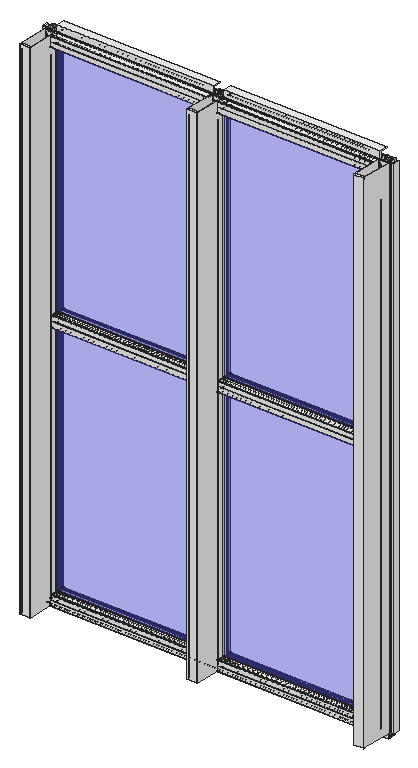
Revit family "Facade_60_Curtain_Wall_S22_Custom", category Windows, host Wall, Revit 2014 (continued)
Definition of nested family "F60 Vertical Profile Middle_S22_Cust"
  Forms (mm)
    Extrusion 1, solid, material <- "Profile Material"
      sketch origin (0, 0, 0) x (1, 0, 0) y (0, 1, 0)
        loop
          line (26.049, -9.5) -> (27.1, -9.5) -> (27.1, 7) -> (32.902, 7) -> (32.902, -9.5) -> (33.951, -9.5)
          arc (33.951, -9.5) -> (34.516, -9.266) -> (34.751, -8.7) r 0.8
          line (34.751, -8.7) -> (34.751, 6.2)
          arc (34.751, 6.2) -> (34.985, 6.766) -> (35.551, 7) r 0.8
          line (35.551, 7) -> (52.1, 7) -> (52.1, 5.4) -> (50.55, 5.4) -> (50.55, 4.55)
          arc (50.55, 4.55) -> (50.726, 4.126) -> (51.15, 3.95) r 0.6
          line (51.15, 3.95) -> (52.1, 3.95) -> (52.1, 1)
          arc (52.1, 1) -> (51.6, 0.5) -> (52.1, 0) r 0.5
          line (52.1, 0) -> (54.45, 0) -> (54.45, 1.15) -> (53.3, 1.15) -> (53.3, 2.45) -> (58.8, 2.45) -> (58.8, 1.15) -> (57.65, 1.15) -> (57.65, 0) -> (59.5, 0)
          arc (59.5, 0) -> (59.854, 0.146) -> (60, 0.5) r 0.5
          line (60, 0.5) -> (60, 3.9) -> (53.55, 3.9) -> (53.55, 7.6)
          arc (53.55, 7.6) -> (53.316, 8.166) -> (52.75, 8.4) r 0.8
          line (52.75, 8.4) -> (30, 8.4) -> (7.25, 8.4)
          arc (7.25, 8.4) -> (6.684, 8.166) -> (6.45, 7.6) r 0.8
          line (6.45, 7.6) -> (6.45, 3.9) -> (0, 3.9) -> (0, 0.5)
          arc (0, 0.5) -> (0.146, 0.146) -> (0.5, 0) r 0.5
          line (0.5, 0) -> (2.35, 0) -> (2.35, 1.15) -> (1.2, 1.15) -> (1.2, 2.45) -> (6.7, 2.45) -> (6.7, 1.15) -> (5.55, 1.15) -> (5.55, 0) -> (7.9, 0)
          arc (7.9, 0) -> (8.4, 0.5) -> (7.9, 1) r 0.5
          line (7.9, 1) -> (7.9, 3.95) -> (8.85, 3.95)
          arc (8.85, 3.95) -> (9.274, 4.126) -> (9.45, 4.55) r 0.6
          line (9.45, 4.55) -> (9.45, 5.4) -> (7.9, 5.4) -> (7.9, 7) -> (24.449, 7)
          arc (24.449, 7) -> (25.015, 6.766) -> (25.249, 6.2) r 0.8
          line (25.249, 6.2) -> (25.249, -8.7)
      from 0 to 250 <- "Length"
    Extrusion 2, solid, material <- "Thermal Break Material"
      sketch origin (0, 0, 0) x (1, 0, 0) y (0, 1, 0)
        loop
          line (1.75, 9.8) -> (1.75, 5.2) -> (0, 5.2) -> (0, 3.9) -> (6.35, 3.9) -> (6.35, 7.856)
          arc (6.35, 7.856) -> (6.526, 8.281) -> (6.95, 8.456) r 0.6
          line (6.95, 8.456) -> (30, 8.456) -> (53.05, 8.456)
          arc (53.05, 8.456) -> (53.474, 8.281) -> (53.65, 7.856) r 0.6
          line (53.65, 7.856) -> (53.65, 3.9) -> (60, 3.9) -> (60, 5.2) -> (58.25, 5.2) -> (58.25, 9.8) -> (30, 9.8) -> (1.75, 9.8)
      from 0 to 250 <- "Length"
    Extrusion 3, solid, material <- "Thermal Break Material", visible <- "Single Glazing"
      sketch origin (0, 0, 0) x (1, 0, 0) y (0, 1, 0)
        loop
          line (25.749, -14.011) -> (27.672, -14.011) -> (28.481, -12.611) -> (31.518, -12.611) -> (32.327, -14.011) -> (34.249, -14.011)
          arc (34.249, -14.011) -> (34.603, -13.864) -> (34.749, -13.511) r 0.5
          line (34.749, -13.511) -> (34.749, -10.011)
          arc (34.749, -10.011) -> (34.603, -9.657) -> (34.249, -9.511) r 0.5
          line (34.249, -9.511) -> (32.352, -9.511) -> (32.352, 0.19) -> (31.349, 2.261)
          arc (31.349, 2.261) -> (29.999, 2.986) -> (28.649, 2.261) r 1.62
          line (28.649, 2.261) -> (27.647, 0.19) -> (27.647, -9.511) -> (25.749, -9.511)
          arc (25.749, -9.511) -> (25.396, -9.657) -> (25.249, -10.011) r 0.5
          line (25.249, -10.011) -> (25.249, -13.511)
          arc (25.249, -13.511) -> (25.396, -13.864) -> (25.749, -14.011) r 0.5
        loop
          line (28.504, -10.005) -> (28.504, -10.861)
          arc (28.504, -10.861) -> (28.651, -11.214) -> (29.004, -11.361) r 0.5
          line (29.004, -11.361) -> (30.994, -11.361)
          arc (30.994, -11.361) -> (31.348, -11.214) -> (31.494, -10.861) r 0.5
          line (31.494, -10.861) -> (31.494, -10.005) -> (30.708, -9.219)
          arc (30.708, -9.219) -> (30.383, -9.001) -> (29.999, -8.924) r 1.007
          arc (29.999, -8.924) -> (29.616, -8.999) -> (29.292, -9.217) r 0.986
          line (29.292, -9.217) -> (28.504, -10.005)
        loop
          arc (30.896, 1.935) -> (29.887, 2.44) -> (29.005, 1.735) r 1.047
          line (29.005, 1.735) -> (28.347, 0.374) -> (28.347, -6.993)
          arc (28.347, -6.993) -> (28.583, -7.417) -> (29.068, -7.441) r 0.5
          arc (29.068, -7.441) -> (29.999, -7.223) -> (30.93, -7.441) r 2.099
          arc (30.93, -7.441) -> (31.416, -7.417) -> (31.652, -6.993) r 0.5
          line (31.652, -6.993) -> (31.652, 0.374) -> (30.896, 1.935)
      from 0 to 250 <- "Length"
    Extrusion 4, solid, material <- "Profile Material", visible <- "Single Glazing"
      sketch origin (0, 0, 0) x (1, 0, 0) y (0, 1, 0)
        loop
          line (52.693, -14.011) -> (32.327, -14.011) -> (31.519, -12.611) -> (28.481, -12.611) -> (27.673, -14.011) -> (7.307, -14.011) -> (7.307, -15.011) -> (8.457, -15.011) -> (8.457, -16.261) -> (2.957, -16.261) -> (2.957, -15.011) -> (4.107, -15.011) -> (4.107, -14.011) -> (1.707, -14.011)
          arc (1.707, -14.011) -> (1.199, -14.293) -> (1.168, -14.873) r 0.6
          line (1.168, -14.873) -> (2.093, -16.772) -> (1.015, -17.298) -> (1.484, -18.261) -> (11.488, -18.261)
          arc (11.488, -18.261) -> (11.913, -18.085) -> (12.088, -17.661) r 0.6
          line (12.088, -17.661) -> (12.088, -16.811) -> (47.912, -16.811) -> (47.912, -17.661)
          arc (47.912, -17.661) -> (48.088, -18.085) -> (48.512, -18.261) r 0.6
          line (48.512, -18.261) -> (58.518, -18.261) -> (58.987, -17.298) -> (57.908, -16.772) -> (58.834, -14.874)
          arc (58.834, -14.874) -> (58.802, -14.293) -> (58.293, -14.011) r 0.6
          line (58.293, -14.011) -> (55.893, -14.011) -> (55.893, -15.011) -> (57.043, -15.011) -> (57.043, -16.261) -> (51.543, -16.261) -> (51.543, -15.011) -> (52.693, -15.011) -> (52.693, -14.011)
      from 0 to 250 <- "Length"
    Extrusion 5, solid, material <- "Profile Material", visible <- "Single Glazing"
      sketch origin (0, 0, 0) x (1, 0, 0) y (0, 1, 0)
        loop
          line (2.801, -18.261) -> (1.484, -18.261) -> (1.015, -17.298) -> (2.093, -16.772) -> (0.779, -14.076)
          arc (0.779, -14.076) -> (0.239, -14.21) -> (0.001, -14.713) r 0.65
          line (0.001, -14.713) -> (0.001, -28.068)
          arc (0.001, -28.068) -> (1.172, -30.897) -> (4.001, -32.068) r 4
          line (4.001, -32.068) -> (30.001, -32.068) -> (56.001, -32.068)
          arc (56.001, -32.068) -> (58.829, -30.897) -> (60.001, -28.068) r 4
          line (60.001, -28.068) -> (60.001, -14.713)
          arc (60.001, -14.713) -> (59.763, -14.21) -> (59.223, -14.076) r 0.65
          line (59.223, -14.076) -> (57.908, -16.772) -> (58.987, -17.298) -> (58.518, -18.261) -> (57.201, -18.261)
          arc (57.201, -18.261) -> (56.83, -18.425) -> (56.703, -18.811) r 0.5
          arc (56.703, -18.811) -> (56.83, -19.196) -> (57.201, -19.361) r 0.5
          line (57.201, -19.361) -> (58.951, -19.361) -> (58.951, -27.968)
          arc (58.951, -27.968) -> (58.131, -29.948) -> (56.151, -30.768) r 2.8
          line (56.151, -30.768) -> (30.001, -30.768) -> (3.851, -30.768)
          arc (3.851, -30.768) -> (1.871, -29.948) -> (1.051, -27.968) r 2.8
          line (1.051, -27.968) -> (1.051, -19.361) -> (2.801, -19.361)
          arc (2.801, -19.361) -> (3.172, -19.196) -> (3.298, -18.811) r 0.5
          arc (3.298, -18.811) -> (3.172, -18.425) -> (2.801, -18.261) r 0.5
      from 0 to 250 <- "Length"
    Extrusion 6, solid, material <- "Profile Material", visible <- "100mm Mullion"
      sketch origin (0, 0, 0) x (1, 0, 0) y (0, 1, 0)
        loop
          line (14.02, 13) -> (45.98, 13)
          arc (45.98, 13) -> (46.539, 12.842) -> (46.917, 12.4) r 1
          arc (46.917, 12.4) -> (47.285, 11.963) -> (47.833, 11.8) r 1
          line (47.833, 11.8) -> (58.15, 11.8) -> (58.15, 96.3) -> (47.833, 96.3)
          arc (47.833, 96.3) -> (47.285, 96.137) -> (46.917, 95.7) r 1
          arc (46.917, 95.7) -> (46.548, 95.263) -> (46, 95.1) r 1
          line (46, 95.1) -> (14, 95.1)
          arc (14, 95.1) -> (13.452, 95.263) -> (13.083, 95.7) r 1
          arc (13.083, 95.7) -> (12.715, 96.137) -> (12.167, 96.3) r 1
          line (12.167, 96.3) -> (1.85, 96.3) -> (1.85, 11.8) -> (12.167, 11.8)
          arc (12.167, 11.8) -> (12.715, 11.963) -> (13.083, 12.4) r 1
          arc (13.083, 12.4) -> (13.461, 12.842) -> (14.02, 13) r 1
        loop
          line (1.65, 9.856) -> (58.35, 9.856) -> (58.35, 5.2) -> (60, 5.2) -> (60, 98.8)
          arc (60, 98.8) -> (59.707, 99.507) -> (59, 99.8) r 1
          line (59, 99.8) -> (1, 99.8)
          arc (1, 99.8) -> (0.293, 99.507) -> (0, 98.8) r 1
          line (0, 98.8) -> (0, 5.2) -> (1.65, 5.2) -> (1.65, 9.856)
      from 0 to 250 <- "Length"
    Extrusion 7, solid, material <- "Profile Material", visible <- "160mm Mullion"
      sketch origin (0, 0, 0) x (1, 0, 0) y (0, 1, 0)
        loop
          arc (2.35, 15.6) -> (2.526, 15.176) -> (2.95, 15) r 0.6
          line (2.95, 15) -> (57.05, 15)
          arc (57.05, 15) -> (57.474, 15.176) -> (57.65, 15.6) r 0.6
          line (57.65, 15.6) -> (57.65, 153.7)
          arc (57.65, 153.7) -> (57.474, 154.124) -> (57.05, 154.3) r 0.6
          line (57.05, 154.3) -> (47.833, 154.3)
          arc (47.833, 154.3) -> (47.285, 154.137) -> (46.917, 153.7) r 1
          arc (46.917, 153.7) -> (46.548, 153.263) -> (46, 153.1) r 1
          line (46, 153.1) -> (14, 153.1)
          arc (14, 153.1) -> (13.452, 153.263) -> (13.083, 153.7) r 1
          arc (13.083, 153.7) -> (12.715, 154.137) -> (12.167, 154.3) r 1
          line (12.167, 154.3) -> (2.95, 154.3)
          arc (2.95, 154.3) -> (2.526, 154.124) -> (2.35, 153.7) r 0.6
          line (2.35, 153.7) -> (2.35, 15.6)
        loop
          arc (1, 159.8) -> (0.293, 159.507) -> (0, 158.8) r 1
          line (0, 158.8) -> (0, 5.2) -> (1.65, 5.2) -> (1.65, 10.013) -> (58.35, 10.013) -> (58.35, 5.2) -> (60, 5.2) -> (60, 158.8)
          arc (60, 158.8) -> (59.707, 159.507) -> (59, 159.8) r 1
          line (59, 159.8) -> (1, 159.8)
      from 0 to 250 <- "Length"
    Extrusion 8, solid, material <- "Profile Material", visible <- "190mm Mullion"
      sketch origin (0, 0, 0) x (1, 0, 0) y (0, 1, 0)
        loop
          line (57.25, 15.1) -> (57.25, 178.3)
          arc (57.25, 178.3) -> (56.957, 179.007) -> (56.25, 179.3) r 1
          line (56.25, 179.3) -> (3.75, 179.3)
          arc (3.75, 179.3) -> (3.043, 179.007) -> (2.75, 178.3) r 1
          line (2.75, 178.3) -> (2.75, 15.1)
          arc (2.75, 15.1) -> (2.984, 14.534) -> (3.55, 14.3) r 0.8
          line (3.55, 14.3) -> (56.45, 14.3)
          arc (56.45, 14.3) -> (57.016, 14.534) -> (57.25, 15.1) r 0.8
        loop
          line (60, 5.2) -> (60, 188.8)
          arc (60, 188.8) -> (59.707, 189.507) -> (59, 189.8) r 1
          line (59, 189.8) -> (1, 189.8)
          arc (1, 189.8) -> (0.293, 189.507) -> (0, 188.8) r 1
          line (0, 188.8) -> (0, 5.2) -> (1.65, 5.2) -> (1.65, 9.856) -> (58.35, 9.856) -> (58.35, 5.2) -> (60, 5.2)
      from 0 to 250 <- "Length"
    Extrusion 9, solid, material <- "Thermal Break Material", visible <- "Double Glazing"
      sketch origin (0, 0, 0) x (1, 0, 0) y (0, 1, 0)
        loop
          line (27.672, -28) -> (28.48, -26.6) -> (31.518, -26.6) -> (32.326, -28) -> (34.249, -28)
          arc (34.249, -28) -> (34.603, -27.854) -> (34.749, -27.5) r 0.5
          line (34.749, -27.5) -> (34.749, -10)
          arc (34.749, -10) -> (34.603, -9.646) -> (34.249, -9.5) r 0.5
          line (34.249, -9.5) -> (32.352, -9.5) -> (32.352, 0.198) -> (31.348, 2.272)
          arc (31.348, 2.272) -> (29.998, 2.997) -> (28.648, 2.272) r 1.62
          line (28.648, 2.272) -> (27.645, 0.201) -> (27.645, -9.5) -> (25.749, -9.5)
          arc (25.749, -9.5) -> (25.396, -9.646) -> (25.249, -10) r 0.5
          line (25.249, -10) -> (25.249, -27.5)
          arc (25.249, -27.5) -> (25.396, -27.854) -> (25.749, -28) r 0.5
          line (25.749, -28) -> (27.672, -28)
        loop
          arc (30.706, -9.206) -> (30.382, -8.99) -> (29.999, -8.913) r 1.007
          arc (29.999, -8.913) -> (29.616, -8.988) -> (29.292, -9.206) r 0.986
          line (29.292, -9.206) -> (27.142, -11.356)
          arc (27.142, -11.356) -> (26.926, -11.68) -> (26.849, -12.063) r 1
          line (26.849, -12.063) -> (26.849, -24)
          arc (26.849, -24) -> (27.142, -24.707) -> (27.849, -25) r 1
          line (27.849, -25) -> (32.149, -25)
          arc (32.149, -25) -> (32.856, -24.707) -> (33.149, -24) r 1
          line (33.149, -24) -> (33.149, -12.063)
          arc (33.149, -12.063) -> (33.073, -11.68) -> (32.856, -11.356) r 1
          line (32.856, -11.356) -> (30.706, -9.206)
        loop
          arc (28.345, -6.982) -> (28.581, -7.407) -> (29.067, -7.43) r 0.5
          arc (29.067, -7.43) -> (29.998, -7.213) -> (30.929, -7.43) r 2.099
          arc (30.929, -7.43) -> (31.414, -7.407) -> (31.651, -6.982) r 0.5
          line (31.651, -6.982) -> (31.651, 0.385) -> (30.895, 1.946)
          arc (30.895, 1.946) -> (29.885, 2.45) -> (29.004, 1.745) r 1.047
          line (29.004, 1.745) -> (28.345, 0.385) -> (28.345, -6.982)
      from 0 to 250 <- "Length"
    Extrusion 10, solid, material <- "Profile Material", visible <- "Double Glazing"
      sketch origin (0, 0, 0) x (1, 0, 0) y (0, 1, 0)
        loop
          line (52.692, -28) -> (32.327, -28) -> (31.518, -26.6) -> (28.48, -26.6) -> (27.672, -28) -> (7.306, -28) -> (7.306, -29) -> (8.456, -29) -> (8.456, -30.25) -> (2.956, -30.25) -> (2.956, -29) -> (4.106, -29) -> (4.106, -28) -> (1.706, -28)
          arc (1.706, -28) -> (1.198, -28.282) -> (1.167, -28.863) r 0.6
          line (1.167, -28.863) -> (2.093, -30.762) -> (1.014, -31.288) -> (1.483, -32.25) -> (11.488, -32.25)
          arc (11.488, -32.25) -> (11.912, -32.074) -> (12.088, -31.65) r 0.6
          line (12.088, -31.65) -> (12.088, -30.8) -> (47.911, -30.8) -> (47.911, -31.65)
          arc (47.911, -31.65) -> (48.087, -32.074) -> (48.511, -32.25) r 0.6
          line (48.511, -32.25) -> (58.517, -32.25) -> (58.986, -31.288) -> (57.907, -30.762) -> (58.833, -28.864)
          arc (58.833, -28.864) -> (58.801, -28.282) -> (58.292, -28) r 0.6
          line (58.292, -28) -> (55.892, -28) -> (55.892, -29) -> (57.042, -29) -> (57.042, -30.25) -> (51.542, -30.25) -> (51.542, -29) -> (52.692, -29) -> (52.692, -28)
      from 0 to 250 <- "Length"
    Extrusion 11, solid, material <- "Profile Material", visible <- "Double Glazing"
      sketch origin (0, 0, 0) x (1, 0, 0) y (0, 1, 0)
        loop
          line (2.8, -32.25) -> (1.483, -32.25) -> (1.014, -31.288) -> (2.093, -30.762) -> (0.778, -28.065)
          arc (0.778, -28.065) -> (0.238, -28.2) -> (0, -28.702) r 0.65
          line (0, -28.702) -> (0, -42.058)
          arc (0, -42.058) -> (1.172, -44.886) -> (4, -46.058) r 4
          line (4, -46.058) -> (30, -46.058) -> (56, -46.058)
          arc (56, -46.058) -> (58.828, -44.886) -> (60, -42.058) r 4
          line (60, -42.058) -> (60, -28.702)
          arc (60, -28.702) -> (59.762, -28.2) -> (59.222, -28.065) r 0.65
          line (59.222, -28.065) -> (57.907, -30.762) -> (58.986, -31.288) -> (58.517, -32.25) -> (57.2, -32.25)
          arc (57.2, -32.25) -> (56.829, -32.415) -> (56.703, -32.8) r 0.5
          arc (56.703, -32.8) -> (56.829, -33.185) -> (57.2, -33.35) r 0.5
          line (57.2, -33.35) -> (58.95, -33.35) -> (58.95, -41.958)
          arc (58.95, -41.958) -> (58.13, -43.938) -> (56.15, -44.758) r 2.8
          line (56.15, -44.758) -> (30, -44.758) -> (3.85, -44.758)
          arc (3.85, -44.758) -> (1.87, -43.938) -> (1.05, -41.958) r 2.8
          line (1.05, -41.958) -> (1.05, -33.35) -> (2.8, -33.35)
          arc (2.8, -33.35) -> (3.171, -33.185) -> (3.297, -32.8) r 0.5
          arc (3.297, -32.8) -> (3.171, -32.415) -> (2.8, -32.25) r 0.5
      from 0 to 250 <- "Length"
    Extrusion 12, solid, material <- "Profile Material", visible <- "Double Glazing"
      sketch origin (0, 0, 0) x (1, 0, 0) y (0, 1, 0)
        loop
          line (12, -7.775) -> (0, -7.775) -> (0, -25.775) -> (12, -25.775) -> (12, -7.775)
        loop
          line (10.8, -8.975) -> (1.2, -8.975) -> (1.2, -24.575) -> (10.8, -24.575) -> (10.8, -8.975)
      from 0 to 250 <- "Length"
  Lines and regions (mm)
    model lines, style "GenericModelHiddenLines", visible <- "Half 100mm Expansion Break"
      curve 1: line (60, 5.2, 125) -> (60, 95.2, 125)
      curve 2: line (60, 99.8, 125) -> (0, 99.8, 125)
      curve 8: line (0, 5.2, 125) -> (0, 95.2, 125)
    model lines, style "GenericModelHiddenLines", visible <- "Quarter 100mm Expansion Break"
      curve 3: line (60, 5.2, 187.5) -> (60, 95.2, 187.5)
      curve 4: line (60, 5.2, 62.5) -> (60, 95.2, 62.5)
      curve 5: line (60, 99.8, 62.5) -> (0, 99.8, 62.5)
      curve 6: line (60, 99.8, 187.5) -> (0, 99.8, 187.5)
      curve 7: line (0, 5.2, 187.5) -> (0, 95.2, 187.5)
      curve 9: line (0, 5.2, 62.5) -> (0, 95.2, 62.5)
    model lines, style "GenericModelHiddenLines", visible <- "Half SG Expansion Break"
      curve 10: line (4.107, -32.068, 125) -> (55.893, -32.068, 125)
      curve 14: line (60.001, -14.011, 125) -> (60.001, -32.068, 125)
    model lines, style "GenericModelHiddenLines", visible <- "Quarter SG Expansion Break"
      curve 11: line (4.107, -32.068, 187.5) -> (56.703, -32.068, 187.5)
      curve 12: line (4.107, -32.068, 62.5) -> (56.703, -32.068, 62.5)
      curve 13: line (60.001, -14.011, 187.5) -> (60.001, -32.068, 187.5)
      curve 15: line (60.001, -14.011, 62.5) -> (60.001, -32.068, 62.5)
    model lines, style "GenericModelHiddenLines", visible <- "Quarter 160mm Expansion Break"
      curve 16: line (0, 5.2, 187.5) -> (0, 155.2, 187.5)
      curve 18: line (0, 5.2, 62.5) -> (0, 155.2, 62.5)
      curve 19: line (0, 159.8, 187.5) -> (60, 159.8, 187.5)
      curve 21: line (0, 159.8, 62.5) -> (60, 159.8, 62.5)
      curve 22: line (60, 5.2, 187.5) -> (60, 155.2, 187.5)
      curve 24: line (60, 5.2, 62.5) -> (60, 155.2, 62.5)
    model lines, style "GenericModelHiddenLines", visible <- "Half 160mm Expansion Break"
      curve 17: line (0, 5.2, 125) -> (0, 155.2, 125)
      curve 20: line (0, 159.8, 125) -> (60, 159.8, 125)
      curve 23: line (60, 5.2, 125) -> (60, 155.2, 125)
    model lines, style "GenericModelHiddenLines", visible <- "Quarter 190mm Expansion Break"
      curve 25: line (0, 5.2, 187.5) -> (0, 185.2, 187.5)
      curve 27: line (0, 5.2, 62.5) -> (0, 185.2, 62.5)
      curve 28: line (0.779, 189.8, 187.5) -> (59.222, 189.8, 187.5)
      curve 30: line (0.779, 189.8, 62.5) -> (59.222, 189.8, 62.5)
      curve 31: line (60, 5.2, 187.5) -> (60, 185.2, 187.5)
      curve 33: line (60, 5.2, 62.5) -> (60, 185.2, 62.5)
    model lines, style "GenericModelHiddenLines", visible <- "Half 190mm Expansion Joint"
      curve 26: line (0, 5.2, 125) -> (0, 185.2, 125)
      curve 29: line (0.779, 189.8, 125) -> (59.222, 189.8, 125)
      curve 32: line (60, 5.2, 125) -> (60, 185.2, 125)
    model lines, style "GenericModelHiddenLines", visible <- "Quarter DG Expansion Break"
      curve 34: line (60, -28.065, 187.5) -> (60, -46.074, 187.5)
      curve 36: line (60, -28.065, 62.5) -> (60, -46.027, 62.5)
      curve 37: line (59.222, -46.058, 187.5) -> (0.779, -46.058, 187.5)
      curve 39: line (59.222, -46.058, 62.5) -> (0.779, -46.058, 62.5)
    model lines, style "GenericModelHiddenLines", visible <- "Half DG Expansion Break"
      curve 35: line (60, -28.065, 125) -> (60, -46.074, 125)
      curve 38: line (59.222, -46.058, 125) -> (0.779, -46.058, 125)
  Dimensions and locks
    "Half Length": curve 1 to level
    "Half Length": level to curve 2
    "Quarter Length": curve 4 to level
    "Quarter Length": Extrusion 8 to curve 3
    "Quarter Length": level to curve 5
    "Quarter Length": curve 6 to Extrusion 6
    "Quarter Length": curve 9 to level
    "Half Length": curve 8 to level
    "Quarter Length": Extrusion 8 to curve 7
    "Quarter Length": curve 12 to level
    "Half Length": curve 10 to level
    "Quarter Length": Extrusion 5 to curve 11
    "Quarter Length": curve 15 to level
    "Half Length": curve 14 to level
    "Quarter Length": Extrusion 5 to curve 13
    "Quarter Length": Extrusion 7 to curve 18
    "Half Length": Extrusion 7 to curve 17
    "Quarter Length": Extrusion 7 to curve 16
    "Quarter Length": Extrusion 7 to curve 21
    "Quarter Length": curve 19 to Extrusion 7
    "Half Length": Extrusion 7 to curve 20
    "Quarter Length": Extrusion 7 to curve 24
    "Quarter Length": Extrusion 7 to curve 22
    "Half Length": Extrusion 7 to curve 23
    "Quarter Length": Extrusion 8 to curve 27
    "Quarter Length": Extrusion 8 to curve 25
    "Half Length": Extrusion 8 to curve 26
    "Quarter Length": Extrusion 8 to curve 30
    "Quarter Length": curve 28 to Extrusion 8
    "Half Length": Extrusion 8 to curve 29
    "Quarter Length": Extrusion 8 to curve 33
    "Quarter Length": Extrusion 8 to curve 31
    "Half Length": Extrusion 8 to curve 32
    "Quarter Length": Extrusion 11 to curve 36
    "Quarter Length": Extrusion 11 to curve 34
    "Half Length": Extrusion 11 to curve 35
    "Quarter Length": Extrusion 11 to curve 37
    "Quarter Length": curve 39 to Extrusion 11
    "Half Length": curve 38 to Extrusion 11
    aligned and locked: level to plane 2
  Automatic sketch dimensions
    Extrusion 1 sketch curve to plane 3 "Center (Left/Right)" = 0 mm
    plane 1 "Center (Front/Back)" to Extrusion 1 sketch curve = 0 mm  (x4)
    plane 3 "Center (Left/Right)" to Extrusion 1 sketch curve = 0.5 mm
    Extrusion 1 sketch curve to Extrusion 1 sketch curve = 0.7 mm  (x2)
    Extrusion 1 sketch curve to Extrusion 1 sketch curve = 1.15 mm  (x4)
    Extrusion 1 sketch curve to Extrusion 1 sketch curve = 3.2 mm  (x2)
    Extrusion 1 sketch curve to Extrusion 1 sketch curve = 0.9 mm
    Extrusion 1 sketch curve to Extrusion 1 sketch curve = 0.25 mm
    Extrusion 1 sketch curve to Extrusion 1 sketch curve = 0.8 mm  (x7)
    Extrusion 1 sketch curve to Extrusion 1 sketch curve = 1.45 mm  (x2)
    Extrusion 1 sketch curve to Extrusion 1 sketch curve = 0.65 mm  (x3)
    Extrusion 1 sketch curve to Extrusion 1 sketch curve = 0.95 mm  (x3)
    Extrusion 1 sketch curve to Extrusion 1 sketch curve = 0.6 mm  (x3)
    Extrusion 1 sketch curve to plane 1 "Center (Front/Back)" = 7 mm
    Extrusion 1 sketch curve to Extrusion 1 sketch curve = 14.999 mm  (x2)
    plane 1 "Center (Front/Back)" to Extrusion 1 sketch curve = 8.7 mm
    Extrusion 1 sketch curve to Extrusion 1 sketch curve = 1.85 mm
    Extrusion 1 sketch curve to Extrusion 1 sketch curve = 2.9 mm
    Extrusion 1 sketch curve to Extrusion 1 sketch curve = 5.802 mm
    Extrusion 1 sketch curve to Extrusion 1 sketch curve = 1.049 mm
    Extrusion 1 sketch curve to plane 1 "Center (Front/Back)" = 4.55 mm
    Extrusion 1 sketch curve to plane 1 "Center (Front/Back)" = 0.5 mm  (x3)
    Extrusion 1 sketch curve to Extrusion 1 sketch curve = 1.2 mm
    Extrusion 1 sketch curve to plane 1 "Center (Front/Back)" = 1.15 mm  (x2)
    Extrusion 1 sketch curve to Extrusion 1 sketch curve = 0 mm
    Extrusion 1 sketch curve to Extrusion 1 sketch curve = 1.3 mm  (x2)
    Extrusion 1 sketch curve to Extrusion 1 sketch curve = 0.05 mm  (x2)
    Extrusion 1 sketch curve to Extrusion 1 sketch curve = 0.85 mm  (x2)
    Extrusion 1 sketch curve to plane 1 "Center (Front/Back)" = 6.2 mm
    Extrusion 2 sketch curve to plane 3 "Center (Left/Right)" = 0 mm
    plane 3 "Center (Left/Right)" to Extrusion 2 sketch curve = 1.75 mm
    Extrusion 2 sketch curve to Extrusion 2 sketch curve = 4.6 mm  (x4)
    Extrusion 2 sketch curve to Extrusion 2 sketch curve = 0.6 mm  (x2)
    Extrusion 2 sketch curve to plane 1 "Center (Front/Back)" = 9.8 mm
    Extrusion 2 sketch curve to Extrusion 2 sketch curve = 23.05 mm  (x2)
    Extrusion 2 sketch curve to Extrusion 2 sketch curve = 0 mm
    Extrusion 2 sketch curve to plane 1 "Center (Front/Back)" = 8.456 mm
    Extrusion 2 sketch curve to Extrusion 2 sketch curve = 1.75 mm
    Extrusion 2 sketch curve to plane 1 "Center (Front/Back)" = 3.9 mm  (x2)
    plane 3 "Center (Left/Right)" to Extrusion 3 sketch curve = 25.249 mm
    Extrusion 3 sketch curve to Extrusion 3 sketch curve = 0.5 mm  (x6)
    Extrusion 3 sketch curve to plane 1 "Center (Front/Back)" = 0.19 mm  (x2)
    Extrusion 3 sketch curve to Extrusion 3 sketch curve = 1.897 mm  (x2)
    Extrusion 3 sketch curve to Extrusion 3 sketch curve = 1.922 mm  (x2)
    Extrusion 3 sketch curve to plane 1 "Center (Front/Back)" = 0.374 mm  (x2)
    Extrusion 3 sketch curve to Extrusion 3 sketch curve = 0.7 mm  (x2)
    plane 1 "Center (Front/Back)" to Extrusion 3 sketch curve = 12.611 mm
    Extrusion 3 sketch curve to Extrusion 3 sketch curve = 0.809 mm
    Extrusion 3 sketch curve to Extrusion 3 sketch curve = 0.858 mm
    Extrusion 3 sketch curve to plane 1 "Center (Front/Back)" = 2.261 mm  (x2)
    Extrusion 3 sketch curve to Extrusion 3 sketch curve = 0.303 mm
    Extrusion 3 sketch curve to plane 1 "Center (Front/Back)" = 1.735 mm
    Extrusion 3 sketch curve to Extrusion 3 sketch curve = 0.356 mm
    plane 1 "Center (Front/Back)" to Extrusion 3 sketch curve = 9.217 mm
    Extrusion 3 sketch curve to Extrusion 3 sketch curve = 0.788 mm
    Extrusion 3 sketch curve to Extrusion 3 sketch curve = 0.701 mm
    Extrusion 3 sketch curve to Extrusion 3 sketch curve = 0.003 mm
    Extrusion 3 sketch curve to Extrusion 3 sketch curve = 0.992 mm
    Extrusion 3 sketch curve to Extrusion 3 sketch curve = 0.006 mm
    Extrusion 3 sketch curve to Extrusion 3 sketch curve = 0.002 mm
    plane 1 "Center (Front/Back)" to Extrusion 3 sketch curve = 9.219 mm
    Extrusion 3 sketch curve to Extrusion 3 sketch curve = 0.709 mm
    Extrusion 3 sketch curve to plane 1 "Center (Front/Back)" = 1.935 mm
    Extrusion 3 sketch curve to Extrusion 3 sketch curve = 0.899 mm
    Extrusion 3 sketch curve to Extrusion 3 sketch curve = 0.998 mm
    Extrusion 3 sketch curve to Extrusion 3 sketch curve = 0.444 mm
    Extrusion 3 sketch curve to Extrusion 3 sketch curve = 0.524 mm
    Extrusion 3 sketch curve to Extrusion 3 sketch curve = 0.756 mm
    Extrusion 3 sketch curve to Extrusion 3 sketch curve = 0.808 mm
    Extrusion 3 sketch curve to Extrusion 3 sketch curve = 0.9 mm  (x2)
    Extrusion 3 sketch curve to Extrusion 3 sketch curve = 1.25 mm
    Extrusion 3 sketch curve to Extrusion 3 sketch curve = 0.85 mm  (x2)
    Extrusion 3 sketch curve to Extrusion 3 sketch curve = 0.856 mm  (x2)
    Extrusion 3 sketch curve to Extrusion 3 sketch curve = 0.714 mm
    Extrusion 3 sketch curve to Extrusion 3 sketch curve = 0.02 mm
    Extrusion 3 sketch curve to Extrusion 3 sketch curve = 0.399 mm
    Extrusion 3 sketch curve to Extrusion 3 sketch curve = 2.224 mm
    Extrusion 3 sketch curve to Extrusion 3 sketch curve = 0.448 mm
    Extrusion 3 sketch curve to Extrusion 3 sketch curve = 0.032 mm
    Extrusion 3 sketch curve to Extrusion 3 sketch curve = 0 mm
    plane 3 "Center (Left/Right)" to Extrusion 4 sketch curve = 1.015 mm
    Extrusion 4 sketch curve to Extrusion 4 sketch curve = 0.469 mm
    plane 3 "Center (Left/Right)" to Extrusion 4 sketch curve = 1.707 mm
    Extrusion 4 sketch curve to Extrusion 4 sketch curve = 1.079 mm
    Extrusion 4 sketch curve to Extrusion 4 sketch curve = 0.864 mm
    Extrusion 4 sketch curve to Extrusion 4 sketch curve = 1.15 mm  (x4)
    Extrusion 4 sketch curve to Extrusion 4 sketch curve = 3.2 mm  (x2)
    Extrusion 4 sketch curve to Extrusion 4 sketch curve = 3.031 mm  (x2)
    Extrusion 4 sketch curve to Extrusion 4 sketch curve = 0.6 mm  (x3)
    Extrusion 4 sketch curve to Extrusion 4 sketch curve = 15.584 mm  (x2)
    plane 1 "Center (Front/Back)" to Extrusion 4 sketch curve = 12.611 mm
    Extrusion 4 sketch curve to Extrusion 4 sketch curve = 0.808 mm  (x2)
    Extrusion 4 sketch curve to Extrusion 4 sketch curve = 3.038 mm
    plane 1 "Center (Front/Back)" to Extrusion 4 sketch curve = 14.011 mm
    plane 1 "Center (Front/Back)" to Extrusion 4 sketch curve = 16.772 mm
    Extrusion 4 sketch curve to Extrusion 4 sketch curve = 0.865 mm
    Extrusion 4 sketch curve to Extrusion 4 sketch curve = 1.25 mm  (x4)
    plane 1 "Center (Front/Back)" to Extrusion 4 sketch curve = 18.261 mm
    Extrusion 4 sketch curve to Extrusion 4 sketch curve = 0.61 mm
    plane 1 "Center (Front/Back)" to Extrusion 4 sketch curve = 17.298 mm
    Extrusion 4 sketch curve to Extrusion 4 sketch curve = 5.65 mm
    Extrusion 4 sketch curve to Extrusion 4 sketch curve = 0.962 mm
    Extrusion 4 sketch curve to Extrusion 4 sketch curve = 0.85 mm
    Extrusion 4 sketch curve to Extrusion 4 sketch curve = 0.512 mm  (x2)
    Extrusion 4 sketch curve to Extrusion 4 sketch curve = 1 mm  (x2)
    Extrusion 4 sketch curve to Extrusion 4 sketch curve = 0.4 mm  (x2)
    Extrusion 4 sketch curve to Extrusion 4 sketch curve = 1.4 mm
    Extrusion 4 sketch curve to Extrusion 4 sketch curve = 0.539 mm  (x2)
    Extrusion 4 sketch curve to Extrusion 4 sketch curve = 0 mm
    plane 1 "Center (Front/Back)" to Extrusion 4 sketch curve = 14.874 mm
    plane 3 "Center (Left/Right)" to Extrusion 5 sketch curve = 0.001 mm
    Extrusion 5 sketch curve to Extrusion 5 sketch curve = 0.65 mm  (x2)
    Extrusion 5 sketch curve to Extrusion 5 sketch curve = 0.128 mm  (x2)
    plane 3 "Center (Left/Right)" to Extrusion 5 sketch curve = 1.015 mm
    plane 3 "Center (Left/Right)" to Extrusion 5 sketch curve = 1.051 mm
    Extrusion 5 sketch curve to Extrusion 5 sketch curve = 0.469 mm  (x2)
    Extrusion 5 sketch curve to Extrusion 5 sketch curve = 1.079 mm
    Extrusion 5 sketch curve to Extrusion 5 sketch curve = 1.317 mm  (x2)
    Extrusion 5 sketch curve to Extrusion 5 sketch curve = 0 mm  (x3)
    plane 3 "Center (Left/Right)" to Extrusion 5 sketch curve = 3.851 mm
    Extrusion 5 sketch curve to Extrusion 5 sketch curve = 0.15 mm  (x2)
    Extrusion 5 sketch curve to Extrusion 5 sketch curve = 26 mm  (x2)
    Extrusion 5 sketch curve to Extrusion 5 sketch curve = 1.05 mm
    plane 1 "Center (Front/Back)" to Extrusion 5 sketch curve = 16.772 mm
    Extrusion 5 sketch curve to Extrusion 5 sketch curve = 0.707 mm
    Extrusion 5 sketch curve to Extrusion 5 sketch curve = 0.433 mm
    plane 1 "Center (Front/Back)" to Extrusion 5 sketch curve = 17.298 mm
    plane 1 "Center (Front/Back)" to Extrusion 5 sketch curve = 14.076 mm
    Extrusion 5 sketch curve to Extrusion 5 sketch curve = 0.5 mm  (x2)
    plane 1 "Center (Front/Back)" to Extrusion 5 sketch curve = 18.761 mm
    Extrusion 5 sketch curve to Extrusion 5 sketch curve = 0.1 mm  (x3)
    Extrusion 5 sketch curve to Extrusion 5 sketch curve = 1.1 mm  (x2)
    Extrusion 5 sketch curve to Extrusion 5 sketch curve = 8.608 mm
    Extrusion 5 sketch curve to Extrusion 5 sketch curve = 0.962 mm
    Extrusion 6 sketch curve to plane 3 "Center (Left/Right)" = 0 mm
    plane 3 "Center (Left/Right)" to Extrusion 6 sketch curve = 1 mm
    plane 3 "Center (Left/Right)" to Extrusion 6 sketch curve = 1.65 mm
    plane 3 "Center (Left/Right)" to Extrusion 6 sketch curve = 1.85 mm
    Extrusion 6 sketch curve to Extrusion 6 sketch curve = 10.317 mm  (x3)
    Extrusion 6 sketch curve to Extrusion 6 sketch curve = 1.833 mm  (x4)
    Extrusion 6 sketch curve to Extrusion 6 sketch curve = 0.02 mm  (x2)
    Extrusion 6 sketch curve to plane 1 "Center (Front/Back)" = 13 mm
    Extrusion 6 sketch curve to Extrusion 6 sketch curve = 31.961 mm
    Extrusion 6 sketch curve to Extrusion 6 sketch curve = 32 mm
    Extrusion 6 sketch curve to Extrusion 6 sketch curve = 0.2 mm  (x5)
    Extrusion 6 sketch curve to Extrusion 6 sketch curve = 0.85 mm
    Extrusion 6 sketch curve to Extrusion 6 sketch curve = 1.65 mm
    Extrusion 6 sketch curve to Extrusion 6 sketch curve = 1 mm  (x8)
    Extrusion 6 sketch curve to Extrusion 6 sketch curve = 1.944 mm
    Extrusion 6 sketch curve to Extrusion 6 sketch curve = 4.656 mm  (x2)
    Extrusion 6 sketch curve to Extrusion 6 sketch curve = 82.1 mm
    Extrusion 6 sketch curve to Extrusion 6 sketch curve = 2.5 mm
    Extrusion 7 sketch curve to plane 3 "Center (Left/Right)" = 0 mm
    Extrusion 7 sketch curve to Extrusion 7 sketch curve = 1 mm  (x3)
    plane 3 "Center (Left/Right)" to Extrusion 7 sketch curve = 1.65 mm
    plane 3 "Center (Left/Right)" to Extrusion 7 sketch curve = 2.35 mm
    Extrusion 7 sketch curve to Extrusion 7 sketch curve = 0.6 mm  (x3)
    Extrusion 7 sketch curve to Extrusion 7 sketch curve = 9.217 mm  (x2)
    Extrusion 7 sketch curve to Extrusion 7 sketch curve = 1.833 mm  (x2)
    Extrusion 7 sketch curve to Extrusion 7 sketch curve = 32 mm
    Extrusion 7 sketch curve to plane 1 "Center (Front/Back)" = 15 mm
    Extrusion 7 sketch curve to Extrusion 7 sketch curve = 54.1 mm
    Extrusion 7 sketch curve to Extrusion 7 sketch curve = 1.3 mm
    Extrusion 7 sketch curve to Extrusion 7 sketch curve = 1.95 mm
    Extrusion 7 sketch curve to Extrusion 7 sketch curve = 1.65 mm
    Extrusion 7 sketch curve to Extrusion 7 sketch curve = 4.987 mm
    Extrusion 7 sketch curve to Extrusion 7 sketch curve = 4.813 mm
    Extrusion 7 sketch curve to Extrusion 7 sketch curve = 4.812 mm
    Extrusion 7 sketch curve to Extrusion 7 sketch curve = 137.5 mm
    Extrusion 7 sketch curve to Extrusion 7 sketch curve = 0.2 mm  (x2)
    Extrusion 7 sketch curve to Extrusion 7 sketch curve = 0.4 mm  (x2)
    Extrusion 7 sketch curve to Extrusion 7 sketch curve = 4.5 mm
    Extrusion 8 sketch curve to plane 3 "Center (Left/Right)" = 0 mm
    Extrusion 8 sketch curve to Extrusion 8 sketch curve = 1 mm  (x3)
    plane 3 "Center (Left/Right)" to Extrusion 8 sketch curve = 1.65 mm
    plane 3 "Center (Left/Right)" to Extrusion 8 sketch curve = 2.75 mm
    Extrusion 8 sketch curve to Extrusion 8 sketch curve = 0.8 mm  (x2)
    Extrusion 8 sketch curve to Extrusion 8 sketch curve = 52.5 mm
    Extrusion 8 sketch curve to plane 1 "Center (Front/Back)" = 15.1 mm
    Extrusion 8 sketch curve to Extrusion 8 sketch curve = 52.9 mm
    Extrusion 8 sketch curve to Extrusion 8 sketch curve = 1.9 mm
    Extrusion 8 sketch curve to Extrusion 8 sketch curve = 2.75 mm
    Extrusion 8 sketch curve to Extrusion 8 sketch curve = 4.444 mm
    Extrusion 8 sketch curve to Extrusion 8 sketch curve = 4.656 mm  (x2)
    Extrusion 8 sketch curve to Extrusion 8 sketch curve = 163.2 mm
    Extrusion 8 sketch curve to Extrusion 8 sketch curve = 9.5 mm
    plane 3 "Center (Left/Right)" to Extrusion 9 sketch curve = 25.249 mm
    Extrusion 9 sketch curve to Extrusion 9 sketch curve = 0.5 mm  (x4)
    Extrusion 9 sketch curve to Extrusion 9 sketch curve = 1.1 mm
    plane 1 "Center (Front/Back)" to Extrusion 9 sketch curve = 11.356 mm  (x2)
    Extrusion 9 sketch curve to Extrusion 9 sketch curve = 0.293 mm  (x2)
    Extrusion 9 sketch curve to Extrusion 9 sketch curve = 1.896 mm
    Extrusion 9 sketch curve to Extrusion 9 sketch curve = 1.922 mm
    Extrusion 9 sketch curve to Extrusion 9 sketch curve = 1 mm  (x2)
    Extrusion 9 sketch curve to Extrusion 9 sketch curve = 0.7 mm
    Extrusion 9 sketch curve to Extrusion 9 sketch curve = 0.808 mm
    Extrusion 9 sketch curve to plane 1 "Center (Front/Back)" = 2.272 mm  (x2)
    Extrusion 9 sketch curve to Extrusion 9 sketch curve = 0.303 mm
    Extrusion 9 sketch curve to plane 1 "Center (Front/Back)" = 1.745 mm
    Extrusion 9 sketch curve to Extrusion 9 sketch curve = 0.356 mm
    plane 1 "Center (Front/Back)" to Extrusion 9 sketch curve = 9.206 mm  (x2)
    Extrusion 9 sketch curve to Extrusion 9 sketch curve = 1.647 mm
    Extrusion 9 sketch curve to Extrusion 9 sketch curve = 0.701 mm
    Extrusion 9 sketch curve to Extrusion 9 sketch curve = 0.992 mm
    Extrusion 9 sketch curve to Extrusion 9 sketch curve = 0.003 mm
    Extrusion 9 sketch curve to Extrusion 9 sketch curve = 0.002 mm
    Extrusion 9 sketch curve to Extrusion 9 sketch curve = 0.004 mm
    Extrusion 9 sketch curve to Extrusion 9 sketch curve = 0.708 mm
    Extrusion 9 sketch curve to plane 1 "Center (Front/Back)" = 1.946 mm
    Extrusion 9 sketch curve to Extrusion 9 sketch curve = 0.899 mm
    Extrusion 9 sketch curve to Extrusion 9 sketch curve = 0.444 mm
    Extrusion 9 sketch curve to Extrusion 9 sketch curve = 3.038 mm
    Extrusion 9 sketch curve to plane 1 "Center (Front/Back)" = 0.385 mm  (x2)
    Extrusion 9 sketch curve to Extrusion 9 sketch curve = 0.756 mm
    Extrusion 9 sketch curve to Extrusion 9 sketch curve = 2.153 mm
    Extrusion 9 sketch curve to Extrusion 9 sketch curve = 0.631 mm
    Extrusion 9 sketch curve to Extrusion 9 sketch curve = 0.807 mm
    Extrusion 9 sketch curve to Extrusion 9 sketch curve = 1.646 mm
    Extrusion 9 sketch curve to Extrusion 9 sketch curve = 0.707 mm
    Extrusion 9 sketch curve to Extrusion 9 sketch curve = 1.393 mm
    Extrusion 9 sketch curve to Extrusion 9 sketch curve = 1.923 mm
    Extrusion 9 sketch curve to Extrusion 9 sketch curve = 11.937 mm
    Extrusion 9 sketch curve to Extrusion 9 sketch curve = 1.6 mm
    Extrusion 9 sketch curve to Extrusion 9 sketch curve = 0.9 mm  (x2)
    Extrusion 9 sketch curve to Extrusion 9 sketch curve = 1.356 mm  (x2)
    Extrusion 9 sketch curve to Extrusion 9 sketch curve = 0.714 mm
    Extrusion 9 sketch curve to Extrusion 9 sketch curve = 0.02 mm
    Extrusion 9 sketch curve to Extrusion 9 sketch curve = 0.399 mm
    Extrusion 9 sketch curve to Extrusion 9 sketch curve = 2.224 mm
    Extrusion 9 sketch curve to Extrusion 9 sketch curve = 0.448 mm
    Extrusion 9 sketch curve to plane 1 "Center (Front/Back)" = 0.198 mm
    Extrusion 9 sketch curve to plane 1 "Center (Front/Back)" = 0.201 mm
    Extrusion 9 sketch curve to Extrusion 9 sketch curve = 0.032 mm
    Extrusion 9 sketch curve to Extrusion 9 sketch curve = 0 mm
    plane 3 "Center (Left/Right)" to Extrusion 10 sketch curve = 1.014 mm
    Extrusion 10 sketch curve to Extrusion 10 sketch curve = 0.469 mm  (x2)
    plane 3 "Center (Left/Right)" to Extrusion 10 sketch curve = 1.706 mm
    Extrusion 10 sketch curve to Extrusion 10 sketch curve = 1.079 mm
    Extrusion 10 sketch curve to Extrusion 10 sketch curve = 0.864 mm
    Extrusion 10 sketch curve to Extrusion 10 sketch curve = 1.15 mm  (x4)
    Extrusion 10 sketch curve to Extrusion 10 sketch curve = 3.2 mm  (x2)
    Extrusion 10 sketch curve to Extrusion 10 sketch curve = 3.031 mm  (x2)
    Extrusion 10 sketch curve to Extrusion 10 sketch curve = 0.6 mm  (x3)
    Extrusion 10 sketch curve to Extrusion 10 sketch curve = 15.584 mm  (x2)
    Extrusion 10 sketch curve to Extrusion 10 sketch curve = 0.808 mm  (x2)
    Extrusion 10 sketch curve to Extrusion 10 sketch curve = 3.038 mm
    Extrusion 10 sketch curve to Extrusion 10 sketch curve = 0.865 mm
    Extrusion 10 sketch curve to Extrusion 10 sketch curve = 1.25 mm  (x5)
    Extrusion 10 sketch curve to Extrusion 10 sketch curve = 0.61 mm
    plane 1 "Center (Front/Back)" to Extrusion 10 sketch curve = 31.288 mm
    Extrusion 10 sketch curve to Extrusion 10 sketch curve = 0.362 mm
    plane 1 "Center (Front/Back)" to Extrusion 10 sketch curve = 31.65 mm
    Extrusion 10 sketch curve to Extrusion 10 sketch curve = 0.962 mm
    Extrusion 10 sketch curve to Extrusion 10 sketch curve = 0.85 mm
    Extrusion 10 sketch curve to Extrusion 10 sketch curve = 0.512 mm  (x2)
    Extrusion 10 sketch curve to Extrusion 10 sketch curve = 0.4 mm  (x2)
    Extrusion 10 sketch curve to Extrusion 10 sketch curve = 1 mm
    Extrusion 10 sketch curve to Extrusion 10 sketch curve = 2.8 mm
    Extrusion 10 sketch curve to Extrusion 10 sketch curve = 0 mm  (x2)
    Extrusion 10 sketch curve to Extrusion 10 sketch curve = 1.4 mm
    Extrusion 10 sketch curve to Extrusion 10 sketch curve = 0.539 mm  (x2)
    plane 1 "Center (Front/Back)" to Extrusion 10 sketch curve = 28.864 mm
    Extrusion 11 sketch curve to plane 3 "Center (Left/Right)" = 0 mm
    plane 3 "Center (Left/Right)" to Extrusion 11 sketch curve = 0.65 mm
    Extrusion 11 sketch curve to Extrusion 11 sketch curve = 0.128 mm  (x2)
    plane 3 "Center (Left/Right)" to Extrusion 11 sketch curve = 1.014 mm
    plane 3 "Center (Left/Right)" to Extrusion 11 sketch curve = 1.05 mm
    Extrusion 11 sketch curve to Extrusion 11 sketch curve = 0.469 mm  (x2)
    Extrusion 11 sketch curve to Extrusion 11 sketch curve = 1.079 mm
    Extrusion 11 sketch curve to Extrusion 11 sketch curve = 1.317 mm  (x2)
    Extrusion 11 sketch curve to Extrusion 11 sketch curve = 0 mm  (x3)
    plane 3 "Center (Left/Right)" to Extrusion 11 sketch curve = 3.85 mm
    Extrusion 11 sketch curve to Extrusion 11 sketch curve = 0.15 mm  (x2)
    Extrusion 11 sketch curve to Extrusion 11 sketch curve = 26 mm  (x2)
    Extrusion 11 sketch curve to Extrusion 11 sketch curve = 1.05 mm
    Extrusion 11 sketch curve to Extrusion 11 sketch curve = 0.707 mm
    Extrusion 11 sketch curve to Extrusion 11 sketch curve = 0.433 mm
    plane 1 "Center (Front/Back)" to Extrusion 11 sketch curve = 31.288 mm
    plane 1 "Center (Front/Back)" to Extrusion 11 sketch curve = 28.065 mm
    Extrusion 11 sketch curve to Extrusion 11 sketch curve = 1.314 mm
    Extrusion 11 sketch curve to Extrusion 11 sketch curve = 0.65 mm
    Extrusion 11 sketch curve to Extrusion 11 sketch curve = 0.5 mm  (x2)
    plane 1 "Center (Front/Back)" to Extrusion 11 sketch curve = 32.75 mm
    Extrusion 11 sketch curve to Extrusion 11 sketch curve = 0.1 mm  (x3)
    Extrusion 11 sketch curve to Extrusion 11 sketch curve = 1.1 mm  (x2)
    Extrusion 11 sketch curve to Extrusion 11 sketch curve = 8.608 mm
    Extrusion 11 sketch curve to Extrusion 11 sketch curve = 0.962 mm
    Extrusion 12 sketch curve to plane 3 "Center (Left/Right)" = 0 mm
    plane 3 "Center (Left/Right)" to Extrusion 12 sketch curve = 1.2 mm
    Extrusion 12 sketch curve to Extrusion 12 sketch curve = 9.6 mm
    Extrusion 12 sketch curve to Extrusion 12 sketch curve = 1.2 mm  (x3)
    plane 1 "Center (Front/Back)" to Extrusion 12 sketch curve = 25.775 mm
    plane 1 "Center (Front/Back)" to Extrusion 12 sketch curve = 8.975 mm
    curve 4 to Extrusion 6 = 0 mm
    curve 3 to Extrusion 6 = 0 mm
    curve 1 to Extrusion 6 = 0 mm
    curve 4 to Extrusion 6 = 3.6 mm
    curve 3 to Extrusion 6 = 3.6 mm
    curve 1 to Extrusion 6 = 3.6 mm
    Extrusion 6 to curve 2 = 1 mm
    Extrusion 6 to curve 5 = 1 mm
    Extrusion 6 to curve 6 = 1 mm
    curve 6 to Extrusion 6 = 1 mm
    curve 5 to Extrusion 6 = 1 mm
    curve 2 to Extrusion 6 = 1 mm
    curve 9 to Extrusion 6 = 0 mm
    curve 8 to Extrusion 6 = 0 mm
    curve 7 to Extrusion 6 = 0 mm
    Extrusion 6 to curve 8 = 3.6 mm
    Extrusion 6 to curve 9 = 3.6 mm
    Extrusion 6 to curve 7 = 3.6 mm
    curve 12 to Extrusion 5 = 25.894 mm
    curve 11 to Extrusion 5 = 25.894 mm
    curve 10 to Extrusion 5 = 25.894 mm
    curve 10 to Extrusion 5 = 0.108 mm
    Extrusion 5 to curve 12 = 0.703 mm
    Extrusion 5 to curve 11 = 0.703 mm
    curve 13 to Extrusion 5 = 4 mm
    curve 14 to Extrusion 5 = 4 mm
    curve 15 to Extrusion 5 = 4 mm
    Extrusion 5 to curve 15 = 0.702 mm
    Extrusion 5 to curve 14 = 0.702 mm
    Extrusion 5 to curve 13 = 0.702 mm
    curve 18 to Extrusion 7 = 0 mm
    curve 17 to Extrusion 7 = 0 mm
    curve 16 to Extrusion 7 = 0 mm
    Extrusion 7 to curve 17 = 3.6 mm
    Extrusion 7 to curve 18 = 3.6 mm
    Extrusion 7 to curve 16 = 3.6 mm
    Extrusion 7 to curve 21 = 1 mm  (x2)
    Extrusion 7 to curve 20 = 1 mm  (x2)
    Extrusion 7 to curve 19 = 1 mm  (x2)
    curve 24 to Extrusion 7 = 0 mm
    curve 23 to Extrusion 7 = 0 mm
    curve 22 to Extrusion 7 = 0 mm
    curve 24 to Extrusion 7 = 3.6 mm
    curve 23 to Extrusion 7 = 3.6 mm
    curve 22 to Extrusion 7 = 3.6 mm
    curve 27 to Extrusion 8 = 0 mm
    curve 26 to Extrusion 8 = 0 mm
    curve 25 to Extrusion 8 = 0 mm
    Extrusion 8 to curve 26 = 3.6 mm
    Extrusion 8 to curve 27 = 3.6 mm
    Extrusion 8 to curve 25 = 3.6 mm
    Extrusion 8 to curve 30 = 0.221 mm
    Extrusion 8 to curve 29 = 0.221 mm
    Extrusion 8 to curve 28 = 0.221 mm
    curve 29 to Extrusion 8 = 0.222 mm
    curve 30 to Extrusion 8 = 0.222 mm
    curve 28 to Extrusion 8 = 0.222 mm
    curve 33 to Extrusion 8 = 0 mm
    curve 32 to Extrusion 8 = 0 mm
    curve 31 to Extrusion 8 = 0 mm
    curve 33 to Extrusion 8 = 3.6 mm
    curve 32 to Extrusion 8 = 3.6 mm
    curve 31 to Extrusion 8 = 3.6 mm
    curve 34 to Extrusion 11 = 4.016 mm
    curve 35 to Extrusion 11 = 4.016 mm
    curve 36 to Extrusion 11 = 3.97 mm
    Extrusion 11 to curve 36 = 0.637 mm
    Extrusion 11 to curve 35 = 0.637 mm
    Extrusion 11 to curve 34 = 0.637 mm
    curve 37 to Extrusion 11 = 29.221 mm
    curve 38 to Extrusion 11 = 29.221 mm
    curve 39 to Extrusion 11 = 29.221 mm
    Extrusion 11 to curve 39 = 3.222 mm
    Extrusion 11 to curve 38 = 3.222 mm
    Extrusion 11 to curve 37 = 3.222 mm
Definition of nested family "F60 Horizontal Profile Middle_S22_Cust"
  Parameters (values of type "F60 Horizontal Profile Middle")
    Thermal Break Material [instance] = none
    Single Glazing [instance] = yes
    Profile Material [instance] = none
    Length [instance] = 250 mm
    Double Glazing [instance] = yes
  Reference planes
    plane 1 "Center (Front/Back)": y = 0
    plane 2: z = 0
    plane 3 "Center (Left/Right)": x = 0
  Forms (mm)
    Extrusion 1, solid, material <- "Profile Material"
      sketch origin (0, 0, 0) x (0, 1, 0) y (0, 0, 1)
        loop
          line (-9.94, 7.845) -> (-8.37, 6.275) -> (-1.2, 10.415) -> (-1.2, 1.2) -> (-5, 1.2) -> (-5, 0) -> (-1, 0)
          arc (-1, 0) -> (-0.293, 0.293) -> (0, 1) r 1
          line (0, 1) -> (0, 30) -> (0, 59)
          arc (0, 59) -> (-0.293, 59.707) -> (-1, 60) r 1
          line (-1, 60) -> (-5, 60) -> (-5, 58.8) -> (-1.2, 58.8) -> (-1.2, 49.585) -> (-8.37, 53.725) -> (-9.94, 52.155)
          arc (-9.94, 52.155) -> (-9.902, 51.269) -> (-9.016, 51.232) r 0.655
          line (-9.016, 51.232) -> (-8.077, 52.17) -> (-1.2, 48.2) -> (-1.2, 30) -> (-1.2, 11.8) -> (-8.077, 7.83) -> (-9.016, 8.768)
          arc (-9.016, 8.768) -> (-9.902, 8.731) -> (-9.94, 7.845) r 0.655
      from 0 to 250 <- "Length"
    Extrusion 2, solid, material <- "Profile Material"
      sketch origin (0, 0, 0) x (0, 1, 0) y (0, 0, 1)
        loop
          line (-5, 60) -> (-44.6, 60) -> (-44.6, 58.35) -> (-39.944, 58.35) -> (-39.944, 1.65) -> (-44.6, 1.65) -> (-44.6, 0) -> (-5, 0) -> (-5, 2.2) -> (-4.2, 2.2) -> (-4.2, 3.018)
          arc (-4.2, 3.018) -> (-4.352, 3.783) -> (-4.786, 4.432) r 2
          line (-4.786, 4.432) -> (-7.054, 6.7) -> (-8, 6.489) -> (-8, 5.7) -> (-7.205, 5.7) -> (-7.205, 2.95) -> (-8, 2.95) -> (-8, 1.95) -> (-12.752, 1.95) -> (-12.752, 6.7) -> (-14.152, 6.7) -> (-14.152, 1.65) -> (-38.65, 1.65) -> (-38.65, 8.33) -> (-37.097, 8.33) -> (-34.666, 6.973)
          arc (-34.666, 6.973) -> (-33.846, 7.192) -> (-34.066, 8.012) r 0.6
          line (-34.066, 8.012) -> (-37.128, 9.78) -> (-38.65, 9.78) -> (-38.65, 12.65) -> (-37.6, 13.7) -> (-37.6, 20.3) -> (-38.65, 21.35) -> (-38.65, 38.65) -> (-37.6, 39.7) -> (-37.6, 46.3) -> (-38.65, 47.35) -> (-38.65, 50.22) -> (-37.128, 50.22) -> (-34.066, 51.988)
          arc (-34.066, 51.988) -> (-33.846, 52.808) -> (-34.666, 53.027) r 0.6
          line (-34.666, 53.027) -> (-37.032, 51.661) -> (-38.65, 51.661) -> (-38.65, 58.35) -> (-14.152, 58.35) -> (-14.152, 53.3) -> (-12.752, 53.3) -> (-12.752, 58.05) -> (-8, 58.05) -> (-8, 57.05) -> (-7.205, 57.05) -> (-7.205, 54.3) -> (-8, 54.3) -> (-8, 53.511) -> (-7.054, 53.3) -> (-4.786, 55.568)
          arc (-4.786, 55.568) -> (-4.352, 56.217) -> (-4.2, 56.982) r 2
          line (-4.2, 56.982) -> (-4.2, 57.8) -> (-5, 57.8) -> (-5, 60)
      from 0 to 250 <- "Length"
    Extrusion 3, solid, material <- "Thermal Break Material"
      sketch origin (0, 0, 0) x (0, 1, 0) y (0, 0, 1)
        loop
          line (-40, 1.75) -> (-40, 30) -> (-40, 58.25) -> (-44.6, 58.25) -> (-44.6, 60) -> (-45.9, 60) -> (-45.9, 53.65) -> (-41.788, 53.65)
          arc (-41.788, 53.65) -> (-41.363, 53.474) -> (-41.187, 53.05) r 0.6
          line (-41.187, 53.05) -> (-41.187, 30) -> (-41.187, 6.95)
          arc (-41.187, 6.95) -> (-41.363, 6.526) -> (-41.788, 6.35) r 0.6
          line (-41.788, 6.35) -> (-45.9, 6.35) -> (-45.9, 0) -> (-44.6, 0) -> (-44.6, 1.75) -> (-40, 1.75)
      from 0 to 250 <- "Length"
    Extrusion 4, solid, material <- "Profile Material"
      sketch origin (0, 0, 0) x (0, 1, 0) y (0, 0, 1)
        loop
          line (-58.5, 25.249) -> (-43.6, 25.249)
          arc (-43.6, 25.249) -> (-43.034, 25.015) -> (-42.8, 24.449) r 0.8
          line (-42.8, 24.449) -> (-42.8, 7.9) -> (-44.4, 7.9) -> (-44.4, 9.45) -> (-45.25, 9.45)
          arc (-45.25, 9.45) -> (-45.674, 9.274) -> (-45.85, 8.85) r 0.6
          line (-45.85, 8.85) -> (-45.85, 7.9) -> (-48.8, 7.9)
          arc (-48.8, 7.9) -> (-49.3, 8.4) -> (-49.8, 7.9) r 0.5
          line (-49.8, 7.9) -> (-49.8, 5.55) -> (-48.65, 5.55) -> (-48.65, 6.7) -> (-47.35, 6.7) -> (-47.35, 1.2) -> (-48.65, 1.2) -> (-48.65, 2.35) -> (-49.8, 2.35) -> (-49.8, 0.5)
          arc (-49.8, 0.5) -> (-49.654, 0.146) -> (-49.3, 0) r 0.5
          line (-49.3, 0) -> (-45.9, 0) -> (-45.9, 6.45) -> (-42.2, 6.45)
          arc (-42.2, 6.45) -> (-41.634, 6.684) -> (-41.4, 7.25) r 0.8
          line (-41.4, 7.25) -> (-41.4, 30) -> (-41.4, 52.75)
          arc (-41.4, 52.75) -> (-41.634, 53.316) -> (-42.2, 53.55) r 0.8
          line (-42.2, 53.55) -> (-45.9, 53.55) -> (-45.9, 60) -> (-49.3, 60)
          arc (-49.3, 60) -> (-49.654, 59.854) -> (-49.8, 59.5) r 0.5
          line (-49.8, 59.5) -> (-49.8, 57.65) -> (-48.65, 57.65) -> (-48.65, 58.8) -> (-47.35, 58.8) -> (-47.35, 53.3) -> (-48.65, 53.3) -> (-48.65, 54.45) -> (-49.8, 54.45) -> (-49.8, 52.1)
          arc (-49.8, 52.1) -> (-49.3, 51.6) -> (-48.8, 52.1) r 0.5
          line (-48.8, 52.1) -> (-45.85, 52.1) -> (-45.85, 51.15)
          arc (-45.85, 51.15) -> (-45.674, 50.726) -> (-45.25, 50.55) r 0.6
          line (-45.25, 50.55) -> (-44.4, 50.55) -> (-44.4, 52.1) -> (-42.8, 52.1) -> (-42.8, 35.551)
          arc (-42.8, 35.551) -> (-43.034, 34.985) -> (-43.6, 34.751) r 0.8
          line (-43.6, 34.751) -> (-58.5, 34.751)
          arc (-58.5, 34.751) -> (-59.066, 34.516) -> (-59.3, 33.951) r 0.8
          line (-59.3, 33.951) -> (-59.3, 32.902) -> (-42.8, 32.902) -> (-42.8, 27.1) -> (-59.3, 27.1) -> (-59.3, 26.049)
          arc (-59.3, 26.049) -> (-59.066, 25.484) -> (-58.5, 25.249) r 0.8
      from 0 to 250 <- "Length"
    Extrusion 5, solid, material <- "Thermal Break Material", visible <- "Single Glazing"
      sketch origin (0, 0, 0) x (0, 1, 0) y (0, 0, 1)
        loop
          arc (-63.8, 25.751) -> (-63.654, 25.397) -> (-63.3, 25.251) r 0.5
          line (-63.3, 25.251) -> (-59.8, 25.251)
          arc (-59.8, 25.251) -> (-59.446, 25.397) -> (-59.3, 25.751) r 0.5
          line (-59.3, 25.751) -> (-59.3, 27.648) -> (-49.599, 27.648) -> (-47.528, 28.651)
          arc (-47.528, 28.651) -> (-46.803, 30.001) -> (-47.528, 31.351) r 1.62
          line (-47.528, 31.351) -> (-49.599, 32.353) -> (-59.3, 32.353) -> (-59.3, 34.251)
          arc (-59.3, 34.251) -> (-59.446, 34.604) -> (-59.8, 34.751) r 0.5
          line (-59.8, 34.751) -> (-63.3, 34.751)
          arc (-63.3, 34.751) -> (-63.654, 34.604) -> (-63.8, 34.251) r 0.5
          line (-63.8, 34.251) -> (-63.8, 32.328) -> (-62.4, 31.52) -> (-62.4, 28.483) -> (-63.8, 27.673) -> (-63.8, 25.751)
        loop
          line (-59.794, 28.506) -> (-59.006, 29.294)
          arc (-59.006, 29.294) -> (-58.788, 29.618) -> (-58.713, 30.001) r 0.986
          arc (-58.713, 30.001) -> (-58.79, 30.384) -> (-59.008, 30.71) r 1.007
          line (-59.008, 30.71) -> (-59.794, 31.496) -> (-60.65, 31.496)
          arc (-60.65, 31.496) -> (-61.004, 31.349) -> (-61.15, 30.996) r 0.5
          line (-61.15, 30.996) -> (-61.15, 29.006)
          arc (-61.15, 29.006) -> (-61.004, 28.652) -> (-60.65, 28.506) r 0.5
          line (-60.65, 28.506) -> (-59.794, 28.506)
        loop
          line (-47.854, 30.898) -> (-49.415, 31.653) -> (-56.782, 31.653)
          arc (-56.782, 31.653) -> (-57.207, 31.417) -> (-57.23, 30.932) r 0.5
          arc (-57.23, 30.932) -> (-57.013, 30.001) -> (-57.23, 29.07) r 2.099
          arc (-57.23, 29.07) -> (-57.207, 28.584) -> (-56.782, 28.348) r 0.5
          line (-56.782, 28.348) -> (-49.415, 28.348) -> (-48.055, 29.007)
          arc (-48.055, 29.007) -> (-47.35, 29.888) -> (-47.854, 30.898) r 1.047
      from 0 to 250 <- "Length"
    Extrusion 6, solid, material <- "Profile Material", visible <- "Single Glazing"
      sketch origin (0, 0, 0) x (0, 1, 0) y (0, 0, 1)
        loop
          line (-63.8, 52.694) -> (-64.8, 52.694) -> (-64.8, 51.544) -> (-66.05, 51.544) -> (-66.05, 57.044) -> (-64.8, 57.044) -> (-64.8, 55.894) -> (-63.8, 55.894) -> (-63.8, 58.294)
          arc (-63.8, 58.294) -> (-64.082, 58.803) -> (-64.664, 58.835) r 0.6
          line (-64.664, 58.835) -> (-66.562, 57.91) -> (-67.088, 58.988) -> (-68.05, 58.519) -> (-68.05, 48.513)
          arc (-68.05, 48.513) -> (-67.874, 48.089) -> (-67.45, 47.913) r 0.6
          line (-67.45, 47.913) -> (-66.6, 47.913) -> (-66.6, 12.09) -> (-67.45, 12.09)
          arc (-67.45, 12.09) -> (-67.874, 11.914) -> (-68.05, 11.49) r 0.6
          line (-68.05, 11.49) -> (-68.05, 1.485) -> (-67.088, 1.016) -> (-66.562, 2.095) -> (-64.663, 1.169)
          arc (-64.663, 1.169) -> (-64.082, 1.2) -> (-63.8, 1.709) r 0.6
          line (-63.8, 1.709) -> (-63.8, 4.109) -> (-64.8, 4.109) -> (-64.8, 2.959) -> (-66.05, 2.959) -> (-66.05, 8.459) -> (-64.8, 8.459) -> (-64.8, 7.309) -> (-63.8, 7.309) -> (-63.8, 27.674) -> (-62.4, 28.483) -> (-62.4, 31.521) -> (-63.8, 32.329) -> (-63.8, 52.694)
      from 0 to 250 <- "Length"
    Extrusion 7, solid, material <- "Profile Material", visible <- "Single Glazing"
      sketch origin (0, 0, 0) x (0, 1, 0) y (0, 0, 1)
        loop
          line (-68.551, 3.3) -> (-76.559, 3.3) -> (-76.559, 30) -> (-76.559, 56.15)
          arc (-76.559, 56.15) -> (-75.739, 58.13) -> (-73.759, 58.95) r 2.8
          line (-73.759, 58.95) -> (-69.151, 58.95) -> (-69.151, 57.2)
          arc (-69.151, 57.2) -> (-68.987, 56.829) -> (-68.601, 56.703) r 0.5
          arc (-68.601, 56.703) -> (-68.216, 56.829) -> (-68.051, 57.2) r 0.5
